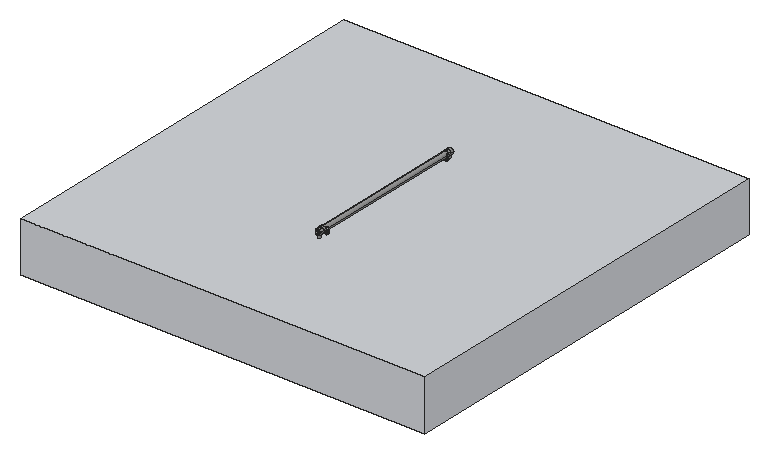
Revit family "L-line A 1.0", category Осветительные приборы, Revit 2017 (continued)
Types (6, lengths in mm): name | Wattage | built-in parameter 1150134 | Файл фотометрической сетки | built-in parameter 1150142 | built-in parameter 1150105 | Lumens | built-in parameter 1150107 | built-in parameter 1150106 | Артикул
  L-line A 1.0 3.0K Д (матовый) | 20.5868 W | (empty or 0) | "L-line A 1.0-29-D-3.0K-03.ies" | "IESNA:LM-63-1995\r\n[TEST]LEDEL\r\n[DATA]28.10.2017\r\n[MANUFAC]LEDEL\r\n[LUMCAT]L-line A 1.0/29/Д/3.0K/03\r\n[LUMINAIRE]Предназначен  для  архитектурной и декоративной  подсветки\r\n[LAMPCAT]LED\r\n[LAMP]OSRAM DURIS \r\nTILT=NONE\r\n\r\n\r\n1 3058 1.1051680520419  37 19 1 2 1.0 0.042 0.043\r\n\r\n1 1 28.8\r\n\r\n 0 2.5 5 7.5 10 12.5 15 17.5 20 22.5 25 27.5 30 32.5 35 37.5 40 42.5 45 47.5\r\n 50 52.5 55 57.5 60 62.5 65 67.5 70 72.5 75 77.5 80 82.5 85 87.5 90\r\n\r\n  0 10 20 30 40 50 60 70 80 90 100 110 120 130 140 150\r\n  160 170 180\r\n\r\n  819 818 817 812 806 800 789 778 765 751 734 717 699 679 658\r\n  637 616 591 568 544 521 496 469 446 421 396 372 347 324 300\r\n  277 257 234 216 195 177 160\r\n  819 819 817 812 810 803 795 787 775 765 754 740 726 711 696\r\n  679 663 643 626 607 586 567 548 529 511 491 469 446 422 400\r\n  378 355 337 317 299 281 263\r\n  808 806 806 803 797 792 784 776 765 755 742 729 714 700 683\r\n  667 649 630 611 591 570 551 528 509 487 468 447 425 403 384\r\n  362 343 321 303 283 264 248\r\n  800 800 797 795 789 784 774 764 755 743 729 715 700 681 665\r\n  647 629 609 586 566 547 526 507 484 466 444 422 402 381 360\r\n  338 319 299 280 263 244 229\r\n  811 811 809 804 799 793 783 773 762 748 734 719 702 685 666\r\n  644 625 602 582 560 536 515 492 466 445 421 400 378 354 333\r\n  312 292 271 251 232 215 198\r\n  819 818 817 812 806 800 789 778 765 751 734 717 699 679 658\r\n  637 616 591 568 544 521 496 469 446 421 396 372 347 324 300\r\n  277 257 234 216 195 177 160\r\n  820 819 818 812 806 800 789 778 764 748 732 714 693 674 652\r\n  629 606 578 556 528 502 477 450 422 395 368 340 313 288 263\r\n  238 214 192 172 151 135 118\r\n  822 821 820 815 809 800 789 777 762 747 729 710 690 667 645\r\n  621 595 567 540 514 485 459 429 402 371 344 313 283 255 226\r\n  200 175 151 128 108 91 76\r\n  825 821 820 815 809 800 788 775 761 745 727 706 685 663 639\r\n  614 588 561 533 504 471 438 410 378 348 317 288 255 224 193\r\n  163 133 107 84 64 46 35\r\n  820 821 818 814 806 797 786 774 759 743 723 705 685 659 636\r\n  610 584 557 527 500 469 441 412 381 351 319 287 253 217 185\r\n  152 120 90 63 39 22 14\r\n  825 822 819 812 805 796 785 771 754 737 720 700 679 655 630\r\n  606 578 552 525 496 469 438 410 379 347 316 285 252 222 189\r\n  159 129 103 80 60 42 31\r\n  822 821 817 811 806 796 786 773 756 739 722 701 682 659 635\r\n  611 586 559 533 504 477 448 419 390 360 330 300 271 241 216\r\n  188 162 138 118 99 83 66\r\n  820 819 815 810 803 795 784 771 756 740 723 707 688 665 642\r\n  619 597 572 545 518 493 466 438 411 383 355 329 301 274 250\r\n  225 203 181 161 141 126 109\r\n  819 818 814 810 803 795 786 773 759 746 731 714 694 674 655\r\n  633 611 587 563 540 515 488 463 437 412 386 362 338 313 289\r\n  267 247 225 206 187 169 152\r\n  811 811 806 802 795 788 779 770 756 743 729 713 696 677 658\r\n  638 617 595 573 550 528 504 480 458 433 411 387 364 343 320\r\n  299 279 258 240 222 203 186\r\n  800 800 800 795 787 780 773 765 756 741 723 708 693 677 658\r\n  641 619 599 579 558 536 515 493 472 452 429 408 386 367 345\r\n  324 306 288 267 249 231 215\r\n  808 807 805 803 797 789 783 774 764 753 739 727 712 697 680\r\n  660 642 623 604 584 562 541 521 499 477 455 435 413 393 373\r\n  353 332 313 292 274 257 240\r\n  819 819 817 812 810 803 795 786 774 763 753 739 726 708 693\r\n  675 658 641 620 601 583 562 540 519 499 477 454 435 413 390\r\n  370 349 329 311 294 274 256\r\n  819 818 814 810 803 795 786 773 759 746 731 714 694 674 655\r\n  633 611 587 563 540 515 488 463 437 412 386 362 338 313 289\r\n  267 247 225 206 187 169 152\r\n\r\n" | 243.35 (stored number, unit not read) | 3058 lm | 3000 (stored number, unit not read) | 2.4335 (stored number, unit not read) | "713102900833100"
  L-line A 1.0 4.0K Д (матовый) | 20.5868 W | 12 | "L-line A 1.0-29-D-4.0K-03.ies" | "IESNA:LM-63-1995\r\n[TEST]LEDEL\r\n[DATA]28.10.2017\r\n[MANUFAC]LEDEL\r\n[LUMCAT]L-line A 1.0/29/Д/4.0K/03\r\n[LUMINAIRE]Предназначен  для  архитектурной и декоративной  подсветки\r\n[LAMPCAT]LED\r\n[LAMP]OSRAM DURIS \r\nTILT=NONE\r\n\r\n\r\n1 3058 1.1051680520419  37 19 1 2 1.0 0.042 0.043\r\n\r\n1 1 28.8\r\n\r\n 0 2.5 5 7.5 10 12.5 15 17.5 20 22.5 25 27.5 30 32.5 35 37.5 40 42.5 45 47.5\r\n 50 52.5 55 57.5 60 62.5 65 67.5 70 72.5 75 77.5 80 82.5 85 87.5 90\r\n\r\n  0 10 20 30 40 50 60 70 80 90 100 110 120 130 140 150\r\n  160 170 180\r\n\r\n  819 818 817 812 806 800 789 778 765 751 734 717 699 679 658\r\n  637 616 591 568 544 521 496 469 446 421 396 372 347 324 300\r\n  277 257 234 216 195 177 160\r\n  819 819 817 812 810 803 795 787 775 765 754 740 726 711 696\r\n  679 663 643 626 607 586 567 548 529 511 491 469 446 422 400\r\n  378 355 337 317 299 281 263\r\n  808 806 806 803 797 792 784 776 765 755 742 729 714 700 683\r\n  667 649 630 611 591 570 551 528 509 487 468 447 425 403 384\r\n  362 343 321 303 283 264 248\r\n  800 800 797 795 789 784 774 764 755 743 729 715 700 681 665\r\n  647 629 609 586 566 547 526 507 484 466 444 422 402 381 360\r\n  338 319 299 280 263 244 229\r\n  811 811 809 804 799 793 783 773 762 748 734 719 702 685 666\r\n  644 625 602 582 560 536 515 492 466 445 421 400 378 354 333\r\n  312 292 271 251 232 215 198\r\n  819 818 817 812 806 800 789 778 765 751 734 717 699 679 658\r\n  637 616 591 568 544 521 496 469 446 421 396 372 347 324 300\r\n  277 257 234 216 195 177 160\r\n  820 819 818 812 806 800 789 778 764 748 732 714 693 674 652\r\n  629 606 578 556 528 502 477 450 422 395 368 340 313 288 263\r\n  238 214 192 172 151 135 118\r\n  822 821 820 815 809 800 789 777 762 747 729 710 690 667 645\r\n  621 595 567 540 514 485 459 429 402 371 344 313 283 255 226\r\n  200 175 151 128 108 91 76\r\n  825 821 820 815 809 800 788 775 761 745 727 706 685 663 639\r\n  614 588 561 533 504 471 438 410 378 348 317 288 255 224 193\r\n  163 133 107 84 64 46 35\r\n  820 821 818 814 806 797 786 774 759 743 723 705 685 659 636\r\n  610 584 557 527 500 469 441 412 381 351 319 287 253 217 185\r\n  152 120 90 63 39 22 14\r\n  825 822 819 812 805 796 785 771 754 737 720 700 679 655 630\r\n  606 578 552 525 496 469 438 410 379 347 316 285 252 222 189\r\n  159 129 103 80 60 42 31\r\n  822 821 817 811 806 796 786 773 756 739 722 701 682 659 635\r\n  611 586 559 533 504 477 448 419 390 360 330 300 271 241 216\r\n  188 162 138 118 99 83 66\r\n  820 819 815 810 803 795 784 771 756 740 723 707 688 665 642\r\n  619 597 572 545 518 493 466 438 411 383 355 329 301 274 250\r\n  225 203 181 161 141 126 109\r\n  819 818 814 810 803 795 786 773 759 746 731 714 694 674 655\r\n  633 611 587 563 540 515 488 463 437 412 386 362 338 313 289\r\n  267 247 225 206 187 169 152\r\n  811 811 806 802 795 788 779 770 756 743 729 713 696 677 658\r\n  638 617 595 573 550 528 504 480 458 433 411 387 364 343 320\r\n  299 279 258 240 222 203 186\r\n  800 800 800 795 787 780 773 765 756 741 723 708 693 677 658\r\n  641 619 599 579 558 536 515 493 472 452 429 408 386 367 345\r\n  324 306 288 267 249 231 215\r\n  808 807 805 803 797 789 783 774 764 753 739 727 712 697 680\r\n  660 642 623 604 584 562 541 521 499 477 455 435 413 393 373\r\n  353 332 313 292 274 257 240\r\n  819 819 817 812 810 803 795 786 774 763 753 739 726 708 693\r\n  675 658 641 620 601 583 562 540 519 499 477 454 435 413 390\r\n  370 349 329 311 294 274 256\r\n  819 818 814 810 803 795 786 773 759 746 731 714 694 674 655\r\n  633 611 587 563 540 515 488 463 437 412 386 362 338 313 289\r\n  267 247 225 206 187 169 152\r\n\r\n" | 243.35 (stored number, unit not read) | 3058 lm | 4000 (stored number, unit not read) | 2.4335 (stored number, unit not read) | "713102900843100"
  L-line A 1.0 5.0 Д (матовый) | 20.5868 W | 2 | "L-line A 1.0-29-D-5.0K-03.ies" | "IESNA:LM-63-1995\r\n[TEST]LEDEL\r\n[DATA]28.10.2017\r\n[MANUFAC]LEDEL\r\n[LUMCAT]L-line A 1.0/29/Д/5.0K/03\r\n[LUMINAIRE]Предназначен  для  архитектурной и декоративной  подсветки\r\n[LAMPCAT]LED\r\n[LAMP]OSRAM DURIS \r\nTILT=NONE\r\n\r\n\r\n1 3058 1.1051680520419  37 19 1 2 1.0 0.042 0.043\r\n\r\n1 1 28.8\r\n\r\n 0 2.5 5 7.5 10 12.5 15 17.5 20 22.5 25 27.5 30 32.5 35 37.5 40 42.5 45 47.5\r\n 50 52.5 55 57.5 60 62.5 65 67.5 70 72.5 75 77.5 80 82.5 85 87.5 90\r\n\r\n  0 10 20 30 40 50 60 70 80 90 100 110 120 130 140 150\r\n  160 170 180\r\n\r\n  819 818 817 812 806 800 789 778 765 751 734 717 699 679 658\r\n  637 616 591 568 544 521 496 469 446 421 396 372 347 324 300\r\n  277 257 234 216 195 177 160\r\n  819 819 817 812 810 803 795 787 775 765 754 740 726 711 696\r\n  679 663 643 626 607 586 567 548 529 511 491 469 446 422 400\r\n  378 355 337 317 299 281 263\r\n  808 806 806 803 797 792 784 776 765 755 742 729 714 700 683\r\n  667 649 630 611 591 570 551 528 509 487 468 447 425 403 384\r\n  362 343 321 303 283 264 248\r\n  800 800 797 795 789 784 774 764 755 743 729 715 700 681 665\r\n  647 629 609 586 566 547 526 507 484 466 444 422 402 381 360\r\n  338 319 299 280 263 244 229\r\n  811 811 809 804 799 793 783 773 762 748 734 719 702 685 666\r\n  644 625 602 582 560 536 515 492 466 445 421 400 378 354 333\r\n  312 292 271 251 232 215 198\r\n  819 818 817 812 806 800 789 778 765 751 734 717 699 679 658\r\n  637 616 591 568 544 521 496 469 446 421 396 372 347 324 300\r\n  277 257 234 216 195 177 160\r\n  820 819 818 812 806 800 789 778 764 748 732 714 693 674 652\r\n  629 606 578 556 528 502 477 450 422 395 368 340 313 288 263\r\n  238 214 192 172 151 135 118\r\n  822 821 820 815 809 800 789 777 762 747 729 710 690 667 645\r\n  621 595 567 540 514 485 459 429 402 371 344 313 283 255 226\r\n  200 175 151 128 108 91 76\r\n  825 821 820 815 809 800 788 775 761 745 727 706 685 663 639\r\n  614 588 561 533 504 471 438 410 378 348 317 288 255 224 193\r\n  163 133 107 84 64 46 35\r\n  820 821 818 814 806 797 786 774 759 743 723 705 685 659 636\r\n  610 584 557 527 500 469 441 412 381 351 319 287 253 217 185\r\n  152 120 90 63 39 22 14\r\n  825 822 819 812 805 796 785 771 754 737 720 700 679 655 630\r\n  606 578 552 525 496 469 438 410 379 347 316 285 252 222 189\r\n  159 129 103 80 60 42 31\r\n  822 821 817 811 806 796 786 773 756 739 722 701 682 659 635\r\n  611 586 559 533 504 477 448 419 390 360 330 300 271 241 216\r\n  188 162 138 118 99 83 66\r\n  820 819 815 810 803 795 784 771 756 740 723 707 688 665 642\r\n  619 597 572 545 518 493 466 438 411 383 355 329 301 274 250\r\n  225 203 181 161 141 126 109\r\n  819 818 814 810 803 795 786 773 759 746 731 714 694 674 655\r\n  633 611 587 563 540 515 488 463 437 412 386 362 338 313 289\r\n  267 247 225 206 187 169 152\r\n  811 811 806 802 795 788 779 770 756 743 729 713 696 677 658\r\n  638 617 595 573 550 528 504 480 458 433 411 387 364 343 320\r\n  299 279 258 240 222 203 186\r\n  800 800 800 795 787 780 773 765 756 741 723 708 693 677 658\r\n  641 619 599 579 558 536 515 493 472 452 429 408 386 367 345\r\n  324 306 288 267 249 231 215\r\n  808 807 805 803 797 789 783 774 764 753 739 727 712 697 680\r\n  660 642 623 604 584 562 541 521 499 477 455 435 413 393 373\r\n  353 332 313 292 274 257 240\r\n  819 819 817 812 810 803 795 786 774 763 753 739 726 708 693\r\n  675 658 641 620 601 583 562 540 519 499 477 454 435 413 390\r\n  370 349 329 311 294 274 256\r\n  819 818 814 810 803 795 786 773 759 746 731 714 694 674 655\r\n  633 611 587 563 540 515 488 463 437 412 386 362 338 313 289\r\n  267 247 225 206 187 169 152\r\n\r\n" | 243.35 (stored number, unit not read) | 3058 lm | 5000 (stored number, unit not read) | 2.4335 (stored number, unit not read) | "713102900853100"
